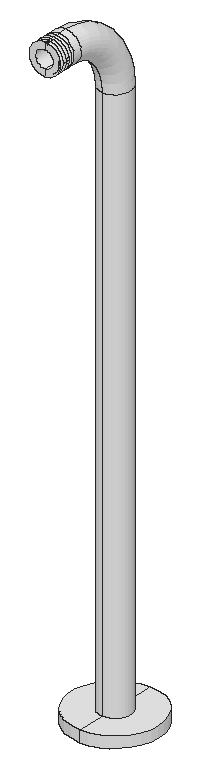
Revit family "xShower_Arm-American_Standard-Rain-1660.118", category Plumbing Fixtures, host Face, Revit 2014
Parameters (values of type "1660.118")
  Width = 2 1/2"  # constant formula
  Water Connection Radius = 1/4"  # constant formula
  Water Connection Diameter = 1/2"  # constant formula
  Waste Connection = no
  Warranty Information = "One Year Limited Warranty"  # constant formula
  WFU = 4
  Vent Connection = no
  URL = "https://www.americanstandard-us.com/"
  Type Comments = ""
  Product Page URL = "https://www.americanstandard-us.com/bathroom/shower-faucets/18-inch-wall-mount-right-angle-shower-arm-23188"
  Product Documentation Link = "https://www.americanstandard-us.com/-/media/sites/asus/files/product-specs/bulk/specsheet1660118.pdf?la=en"
  Price = "Prices may vary. Please consult Manufacturer Representative for most up-to-date price list."  # constant formula
  Model = "1660.118"
  Material = "Brass-American Standard-002-Polished Chrome"
  Manufacturer = "American Standard"  # constant formula
  Length = 18 3/8"  # constant formula
  Installation Type = "Wall Mounted"  # constant formula
  Height = 2 1/2"  # constant formula
  HWFU = 3
  HW Connection = yes
  Finish = Brass-American Standard-002-Polished Chrome
  Description = "18\" Wall Mount Right Angle Shower Arm"
  Default Elevation = 78"  # constant formula
  Creation Date = "01/25/2018"  # constant formula
  CWFU = 3
  CW Connection = yes
  Assembly Code = "D2010700"
Reference planes (in)
  plane 1 "Center (Front/Back)": y = 0
  plane 2: z = 0
  plane 3 "Center (Left/Right)": x = 0
  plane 4: y = -2.5
  plane 5: z = 0.3125
  plane 6: y = 1.25
  plane 7: y = -1.25
  plane 8: z = 18.375
  plane 9: z = 18.1875
  plane 10: z = 17.9375
Forms (in)
  Revolve 1, solid, material "Brass-American Standard-002-Polished Chrome" <- "Finish"
    sketch origin (0, 0, 0) x (0, 1, 0) y (0, 0, 1)
      loop
        line (0, 0) -> (0, 0.3125) -> (-1.25, 0.3125) -> (-1.25, 0) -> (0, 0)
      axis (0, 0.3125) -> (0, 0)
    angle from 0 to 360
  Sweep 2, solid, material "Brass-American Standard-002-Polished Chrome" <- "Finish"
    path origin (0, 0, 0) x (0, 1, 0) y (0, 0, 1)
      loop
        line (0, 0) -> (0, 16.1875)
        arc (0, 16.1875) -> (-0.51256, 17.42494) -> (-1.75, 17.9375) r 1.75
        line (-1.75, 17.9375) -> (-2, 17.9375)
    profile origin (0, 0, 8.09375) x (0, -1, 0) y (1, 0, 0)
      loop
        circle (0, 0) r 0.4375
      loop
        circle (0, 0) r 0.25
  Revolve 3, solid, material "Brass-American Standard-002-Polished Chrome" <- "Finish"
    sketch origin (0, 0, -7.0625) x (0, 1, 0) y (0, 0, 1)
      loop
        line (-2.5, 25.25) -> (-2, 25.25) -> (-2, 25.4375)
        arc (-2, 25.4375) -> (-2.05, 25.3875) -> (-2.1, 25.4375) r 0.05
        arc (-2.1, 25.4375) -> (-2.15, 25.3875) -> (-2.2, 25.4375) r 0.05
        arc (-2.2, 25.4375) -> (-2.25, 25.3875) -> (-2.3, 25.4375) r 0.05
        arc (-2.3, 25.4375) -> (-2.35, 25.3875) -> (-2.4, 25.4375) r 0.05
        arc (-2.4, 25.4375) -> (-2.45, 25.3875) -> (-2.5, 25.4375) r 0.05
        line (-2.5, 25.4375) -> (-2.5, 25.25)
      axis (-2.5, 25) -> (-2, 25)
    angle from 0 to 360
Cuts and joins
  joined: Revolve 1, Sweep 2, Revolve 3
Lines and regions (in)
  Masking region 1
    outline origin (0, 0, 0) x (1, 0, 0) y (0, 0, 1)
      loop
        line (-1.25, 0.3125) -> (-1.25, 0) -> (1.25, 0) -> (1.25, 0.3125) -> (0.43408, 0.3125) -> (0.43408, 18.42957)
        arc (0.43408, 18.42957) -> (0, 18.8125) -> (-0.43408, 18.42957) r 0.4375
        line (-0.43408, 18.42957) -> (-0.43408, 0.3125) -> (-1.25, 0.3125)
  symbolic lines, detail levels medium+fine
    curve 1: line (0.43408, 0, 0.3125) -> (-0.4375, 0, 0.3125)
Dimensions and locks (in)
  "Length": plane 8 to plane 2
  "Width": plane 6 to plane 7
  "Height": plane 1 "Center (Front/Back)" to plane 4
  plane 9 to plane 8 = 3/16"
  locked: plane 10 to plane 8 at 0.4375
  aligned and locked: plane 2 to host face
  aligned and locked: level to host face
  aligned and locked: Revolve 3 sketch curve to plane 9
  aligned and locked: Sweep 2 sketch curve to plane 10
Automatic sketch dimensions
  host sketch curve to host sketch curve = 96"  (x2)
  plane 5 to Revolve 1 sketch curve = 0"
  Revolve 1 sketch curve to plane 7 = 0"
  Revolve 1 sketch curve to plane 1 "Center (Front/Back)" = 0"  (x2)
  Revolve 1 sketch curve to level = 0"
  Revolve 1 sketch curve to level = 0.41882"
  Revolve 1 sketch curve to Revolve 1 sketch curve = 1.13483"
  Sweep 2 sketch curve to plane 1 "Center (Front/Back)" = 0"
  Sweep 2 sketch curve to level = 0"
  plane 7 to Sweep 2 sketch curve = 1/2"
  Sweep 2 sketch curve to Sweep 2 sketch curve = 1/4"
  Sweep 2 sketch curve to Sweep 2 sketch curve = 0"  (x2)
  Sweep 2 sketch curve to plane 3 "Center (Left/Right)" = 0"
  Sweep 2 sketch curve to profile plane = 0"
  plane 8 to Revolve 3 sketch curve = 7/16"
  Revolve 3 sketch curve to plane 4 = 0"
  Revolve 3 sketch curve to plane 4 = 0.05"
  Revolve 3 sketch curve to Revolve 3 sketch curve = 0.05"  (x2)
  Revolve 3 sketch curve to Revolve 3 sketch curve = 0.1"  (x3)
  Revolve 3 sketch curve to Revolve 3 sketch curve = 3/16"
  Revolve 3 sketch curve to Revolve 3 sketch curve = 0"  (x7)
  plane 4 to Revolve 3 sketch curve = 3/4"
  Revolve 3 sketch curve to Revolve 3 sketch curve = 1"
  Masking region 1 sketch curve to plane 5 = 0"  (x2)
  Masking region 1 sketch curve to plane 3 "Center (Left/Right)" = 0"
  Masking region 1 sketch curve to plane 8 = 0.05457"  (x2)
  Masking region 1 sketch curve to plane 3 "Center (Left/Right)" = 0.43408"
  Masking region 1 sketch curve to Masking region 1 sketch curve = 0.81592"  (x2)
  Masking region 1 sketch curve to level = 0"
  Masking region 1 sketch curve to plane 8 = 0"
  curve 1 to plane 5 = 0"
  curve 1 to plane 3 "Center (Left/Right)" = 7/16"
  plane 3 "Center (Left/Right)" to curve 1 = 0.43408"
  radius of Sweep 2 sketch curve = 7/16"
  radius of Sweep 2 sketch curve = 1/4"
Connectors (in)
  piping at (0, 0, 0), diameter 0.5, driven by "Water Connection Diameter"
    settings: on cut or joined group of Revolve 1, Sweep 2, Revolve 3, index 1, connector inside diameter 24", connector length 0", flow factor 0, pipe flow 0 GPM, pressure drop 0.00 psi, fitting loss kfactor 0, connector angle 0.00°, fixture units 0, engagement length 0", angle of deflection 0.00°, flow configuration 0, flow direction 1, fitting loss method 0, system type 29, joint type 0, gender type 0, connector reference index -1, connector utility 0, adjustable connector no, is connector primary yes, connector description "1/2\" NPT Supply Inlet"
